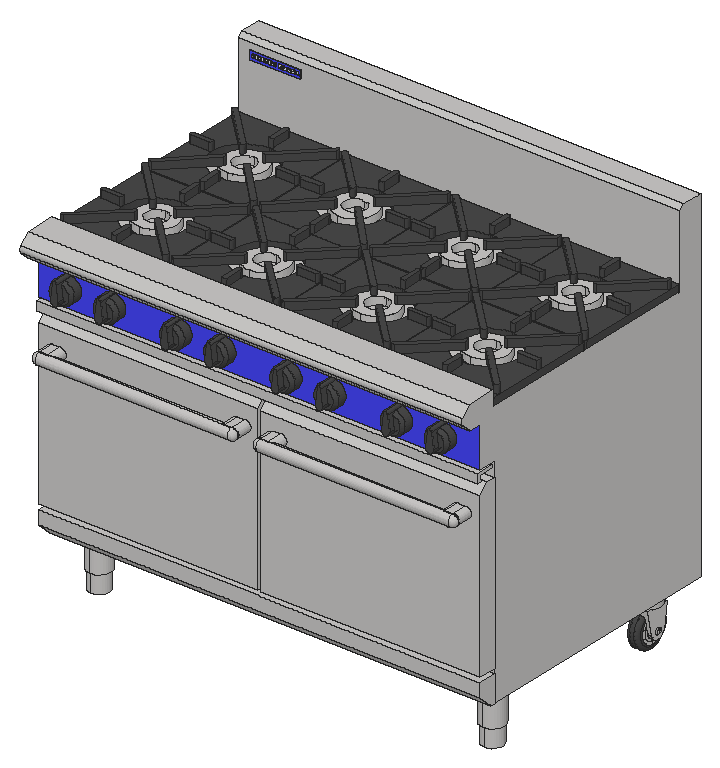
Revit family "QF_MOFFAT_BLUESEAL_CE_G528D", category Specialty Equipment, Revit 2012
Parameters
  Width = 1200 mm
  Weight in Pounds = 664  # constant formula
  URL Cutsheet = "www.moffat.com"
  URL = "www.moffat.com"
  Type Mark [instance] = ""
  Status [instance] = ""
  Specification by User [instance] = ""
  Specification by Manufacturer = ""
  Show Logo [instance] = yes
  Show Clearance [instance] = yes
  Show Casters [instance] = yes
  Serial Number = ""
  Seismic Rating = ""
  SMACNA No = ""
  Revision Code [instance] = ""
  Omniclass Number and Title = ""
  NAFEM Spec ID Number = ""
  Model = "G528D"
  Mechanical Remarks = ""
  Mechanical Connection Type [instance] = ""
  Masterspec = ""
  Manufacturer = "MOFFAT BLUESEAL"
  Legs [instance] = no
  Item Number [instance] = ""
  Installed By [instance] = ""
  Identify Quantity as Lot [instance] = yes
  Height = 970 mm
  Gas Size = 3/4"
  Gas RI Height [instance] = 0 mm
  Gas KW [instance] = 75.5
  Gas Input [instance] = 257806.0 Btu/h
  Gas Connection Height = 0 mm
  Furnished By [instance] = ""
  Foodservice Equipment Identifier [instance] = yes
  Description = "1200MM GAS RANGE WITH DOUBLE STATIC OVENS"
  Depth = 812 mm
  CSI MasterFormat = ""
  CSI Master Format = ""
  Body Finish = QF_Finishes_Stainless Steel
Reference planes
  plane 1 "BACK": y = 0
  plane 2: z = 0
  plane 3 "LEFT": x = 0
  plane 4 "RIGHT": x = 1200
  plane 5 "FRONT": y = -812
  plane 6 "TOP": z = 970
  plane 7 "Center Y": x = 600
  plane 8 "Center X": y = -406
  plane 9: y = -805
  plane 10: y = -32
  plane 11: z = 655
  plane 12: z = 1085
  plane 13: y = -100
  plane 14: y = -625
  plane 15: x = 1134.5
  plane 16: x = 65.5
Forms (mm)
  Extrusion 1, solid, material "QF_Finishes_Stainless Steel" <- "Body Finish"
    sketch origin (0, 0, 0) x (0, 1, 0) y (0, 0, 1)
      loop
        line (0, 150) -> (0, 1085) -> (-57.5, 1085) -> (-70, 1072.5) -> (-70, 875) -> (-705, 875) -> (-705, 915) -> (-783.97, 915) -> (-808.485, 890.485)
        arc (-808.485, 890.485) -> (-811.999, 882) -> (-808.485, 873.515) r 12
        line (-808.485, 873.515) -> (-784.97, 850) -> (-749, 850) -> (-749, 740) -> (-699, 740) -> (-699, 150) -> (0, 150)
      loop
        line (-756, 710) -> (-747.224, 710) -> (-749.613, 726.999) -> (-707.93, 726.999) -> (-707.93, 734.003) -> (-756, 734.003) -> (-756, 710)
      loop
        line (-749, 186) -> (-713, 150) -> (-700, 150) -> (-700, 222.5) -> (-749, 222.5) -> (-749, 186)
    from 0 to 1200
  Extrusion 2, solid, material "QF_Finishes_Stainless Steel"
    sketch origin (0, 0, 0) x (0, 1, 0) y (0, 0, 1)
      loop
        line (-749, 676) -> (-749, 235) -> (-700, 235) -> (-700, 700) -> (-725, 700) -> (-749, 676)
    from 0 to 1200
  Revolve 3, solid, material "QF_Finishes_Stainless Steel" <- "Body Finish"
    sketch origin (1134.5, -696.126, 0) x (0, 1, 0) y (0, 0, -1)
      loop
        line (39.376, -150) -> (71.126, -150) -> (71.126, 0) -> (43.626, 0) -> (43.626, -50) -> (39.376, -50) -> (39.376, -150)
      axis (71.126, -150) -> (71.126, 0)
    angle from 0 to 360
  Revolve 4, solid, material "QF_Finishes_Stainless Steel" <- "Body Finish"
    sketch origin (65.5, -696.126, 0) x (0, 1, 0) y (0, 0, 1)
      loop
        line (39.376, 150) -> (39.376, 50) -> (43.626, 50) -> (43.626, 0) -> (71.126, 0) -> (71.126, 150) -> (39.376, 150)
      axis (71.126, 150) -> (71.126, 0)
    angle from 0 to 360
  Extrusion 5, solid, material "QF_Finishes_Stainless Steel"
    sketch origin (-64.5, 0, 325) x (1, 0, 0) y (0, 1, 0)
      loop
        circle (1134.5, -34) r 10
    from 330 to 374.856
  Revolve 6, solid, material "QF_Finishes_Black"
    sketch origin (90.337, 45.874, -0.078) x (0, 1, 0) y (0, 0, -1)
      loop
        line (-827.874, -829.5) -> (-804.874, -829.5) -> (-804.874, -802) -> (-794.874, -802) -> (-794.874, -797) -> (-838.874, -797) -> (-838.874, -823.651) -> (-827.874, -829.5)
      axis (-838.874, -797) -> (-794.874, -797)
    angle from 0 to 360
  Revolve 7, solid, material "QF_Finishes_Black"
    sketch origin (210.649, 45.874, -0.078) x (0, 1, 0) y (0, 0, -1)
      loop
        line (-827.874, -829.5) -> (-804.874, -829.5) -> (-804.874, -802) -> (-794.874, -802) -> (-794.874, -797) -> (-838.874, -797) -> (-838.874, -823.651) -> (-827.874, -829.5)
      axis (-838.874, -797) -> (-794.874, -797)
    angle from 0 to 360
  Extrusion 8, solid, material "QF_Finishes_Black"
    sketch origin (238.144, 0, -0.078) x (-1, 0, 0) y (0, 0, -1)
      loop
        line (137.724, -786.273) -> (143.145, -829.191)
        arc (143.145, -829.191) -> (148.144, -834.078) -> (153.142, -829.191) r 5
        line (153.142, -829.191) -> (158.631, -785.106)
        arc (158.631, -785.106) -> (147.559, -774.607) -> (137.724, -786.273) r 10.487
    from 759 to 808
  Extrusion 9, void
    sketch origin (0, -756, 676) x (0, 0, 1) y (1, 0, 0)
      loop
        line (24, 595.449) -> (24, 604.551) -> (-453.5, 604.551) -> (-453.5, 595.449) -> (24, 595.449)
    from 0 to 51
  Revolve 10, solid, material "QF_Finishes_Black"
    sketch origin (390.649, 45.874, -0.078) x (0, 1, 0) y (0, 0, -1)
      loop
        line (-827.874, -829.5) -> (-804.874, -829.5) -> (-804.874, -802) -> (-794.874, -802) -> (-794.874, -797) -> (-838.874, -797) -> (-838.874, -823.651) -> (-827.874, -829.5)
      axis (-838.874, -797) -> (-794.874, -797)
    angle from 0 to 360
  Revolve 11, solid, material "QF_Finishes_Black"
    sketch origin (510.625, 45.874, -0.078) x (0, 1, 0) y (0, 0, -1)
      loop
        line (-827.874, -829.5) -> (-804.874, -829.5) -> (-804.874, -802) -> (-794.874, -802) -> (-794.874, -797) -> (-838.874, -797) -> (-838.874, -823.651) -> (-827.874, -829.5)
      axis (-838.874, -797) -> (-794.874, -797)
    angle from 0 to 360
  Revolve 12, solid, material "QF_Finishes_Black"
    sketch origin (690.649, 45.874, -0.078) x (0, 1, 0) y (0, 0, -1)
      loop
        line (-827.874, -829.5) -> (-804.874, -829.5) -> (-804.874, -802) -> (-794.874, -802) -> (-794.874, -797) -> (-838.874, -797) -> (-838.874, -823.651) -> (-827.874, -829.5)
      axis (-838.874, -797) -> (-794.874, -797)
    angle from 0 to 360
  Revolve 13, solid, material "QF_Finishes_Black"
    sketch origin (810.337, 45.874, -0.078) x (0, 1, 0) y (0, 0, -1)
      loop
        line (-827.874, -829.5) -> (-804.874, -829.5) -> (-804.874, -802) -> (-794.874, -802) -> (-794.874, -797) -> (-838.874, -797) -> (-838.874, -823.651) -> (-827.874, -829.5)
      axis (-838.874, -797) -> (-794.874, -797)
    angle from 0 to 360
  Revolve 14, solid, material "QF_Finishes_Black"
    sketch origin (990.649, 45.874, -0.078) x (0, 1, 0) y (0, 0, -1)
      loop
        line (-827.874, -829.5) -> (-804.874, -829.5) -> (-804.874, -802) -> (-794.874, -802) -> (-794.874, -797) -> (-838.874, -797) -> (-838.874, -823.651) -> (-827.874, -829.5)
      axis (-838.874, -797) -> (-794.874, -797)
    angle from 0 to 360
  Revolve 15, solid, material "QF_Finishes_Black"
    sketch origin (1110.625, 45.874, -0.078) x (0, 1, 0) y (0, 0, -1)
      loop
        line (-827.874, -829.5) -> (-804.874, -829.5) -> (-804.874, -802) -> (-794.874, -802) -> (-794.874, -797) -> (-838.874, -797) -> (-838.874, -823.651) -> (-827.874, -829.5)
      axis (-838.874, -797) -> (-794.874, -797)
    angle from 0 to 360
  Extrusion 16, solid, material "QF_Door-Drawer Clearances", visible <- "Show Clearance", detail levels coarse
    sketch origin (762.865, 0, 0) x (0, 1, 0) y (0, 0, 1)
      loop
        arc (-756, 697.347) -> (-1088.232, 559.732) -> (-1225.847, 227.5) r 469.847
        line (-1225.847, 227.5) -> (-756, 227.5) -> (-756, 697.347)
    from -167.415 to -762.865
  Extrusion 17, solid, material "QF_Door-Drawer Clearances", visible <- "Show Clearance", detail levels coarse
    sketch origin (437.135, 0, 0) x (0, 1, 0) y (0, 0, -1)
      loop
        line (-756, -697.347) -> (-756, -227.5) -> (-1225.847, -227.5)
        arc (-1225.847, -227.5) -> (-1088.232, -559.732) -> (-756, -697.347) r 469.847
    from -167.415 to -762.865
  Extrusion 18, void
    sketch origin (0, 0, 150) x (-1, 0, 0) y (0, -1, 0)
      loop
        line (-1133.988, 87.26) -> (-1133.988, -30.24) -> (-1004.488, -30.24) -> (-1004.488, 38.76) -> (-1052.988, 87.26) -> (-1133.988, 87.26)
    from 72.5 to 549.856
  Extrusion 19, solid, material "QF_Finishes_Stainless Steel"
    sketch origin (0, -749, 227.5) x (0, 0, 1) y (-1, 0, 0)
      loop
        line (380.625, -38.246) -> (380.625, -58.528)
        arc (380.625, -58.528) -> (395.625, -73.528) -> (410.625, -58.528) r 15
        line (410.625, -58.528) -> (410.625, -38.246)
        arc (410.625, -38.246) -> (395.625, -23.246) -> (380.625, -38.246) r 15
      loop
        arc (380.625, -560.539) -> (395.625, -575.539) -> (410.625, -560.539) r 15
        line (410.625, -560.539) -> (410.625, -540.257)
        arc (410.625, -540.257) -> (395.625, -525.257) -> (380.625, -540.257) r 15
        line (380.625, -540.257) -> (380.625, -560.539)
    from 0 to 44
  Revolve 20, solid, material "QF_Finishes_Stainless Steel"
    sketch origin (0, -793, 0) x (1, 0, 0) y (0, 0, 1)
      loop
        arc (575.852, 623.125) -> (571.458, 633.732) -> (560.852, 638.125) r 15
        line (560.852, 638.125) -> (38.246, 638.125)
        arc (38.246, 638.125) -> (27.64, 633.732) -> (23.246, 623.125) r 15
        line (23.246, 623.125) -> (575.852, 623.125)
      axis (575.852, 623.125) -> (23.246, 623.125)
    angle from 0 to 360
  Extrusion 21, solid, material "QF_Finishes_Stainless Steel"
    sketch origin (600, -749, 227.5) x (0, 0, 1) y (-1, 0, 0)
      loop
        line (380.625, -38.246) -> (380.625, -58.528)
        arc (380.625, -58.528) -> (395.625, -73.528) -> (410.625, -58.528) r 15
        line (410.625, -58.528) -> (410.625, -38.246)
        arc (410.625, -38.246) -> (395.625, -23.246) -> (380.625, -38.246) r 15
      loop
        arc (380.625, -560.539) -> (395.625, -575.539) -> (410.625, -560.539) r 15
        line (410.625, -560.539) -> (410.625, -540.257)
        arc (410.625, -540.257) -> (395.625, -525.257) -> (380.625, -540.257) r 15
        line (380.625, -540.257) -> (380.625, -560.539)
    from 0 to 44
  Revolve 22, solid, material "QF_Finishes_Stainless Steel"
    sketch origin (600, -793, 0) x (1, 0, 0) y (0, 0, 1)
      loop
        arc (575.852, 623.125) -> (571.458, 633.732) -> (560.852, 638.125) r 15
        line (560.852, 638.125) -> (38.246, 638.125)
        arc (38.246, 638.125) -> (27.64, 633.732) -> (23.246, 623.125) r 15
        line (23.246, 623.125) -> (575.852, 623.125)
      axis (575.852, 623.125) -> (23.246, 623.125)
    angle from 0 to 360
  Revolve 23, solid, material "QF_Finishes_Stainless Steel", visible <- "Legs"
    sketch origin (65.5, -166, 0) x (0, 1, 0) y (0, 0, 1)
      loop
        line (34.25, 150) -> (34.25, 50) -> (38.5, 50) -> (38.5, 0) -> (66, 0) -> (66, 150) -> (34.25, 150)
      axis (66, 150) -> (66, 0)
    angle from 0 to 360
  Revolve 24, solid, material "QF_Finishes_Stainless Steel", visible <- "Show Casters"
    sketch origin (16.276, -100.755, -12.8) x (1, 0, 0) y (0, 0, 1)
      loop
        line (14.841, 63.604) -> (83.584, 63.604) -> (83.584, 67.109) -> (82.314, 68.379) -> (80.79, 68.379) -> (80.79, 71.826) -> (68.644, 71.826) -> (68.644, 81.79) -> (65.088, 83.843) -> (63.738, 92.179) -> (65.881, 92.179) -> (65.881, 98.529) -> (65.088, 98.529) -> (65.088, 104.879)
        arc (65.088, 104.879) -> (62.298, 111.614) -> (55.563, 114.404) r 9.525
        line (55.563, 114.404) -> (42.863, 114.404)
        arc (42.863, 114.404) -> (36.127, 111.614) -> (33.338, 104.879) r 9.525
        line (33.338, 104.879) -> (33.338, 98.529) -> (32.544, 98.529) -> (32.544, 92.179) -> (34.687, 92.179) -> (33.352, 83.932) -> (29.782, 81.871) -> (29.782, 71.826) -> (17.635, 71.826) -> (17.635, 68.379) -> (16.111, 68.379) -> (14.841, 67.109) -> (14.841, 63.604)
      axis (14.841, 63.604) -> (83.584, 63.604)
    angle from 0 to 360
  Extrusion 25, solid, material "QF_Finishes_Stainless Steel", visible <- "Show Casters"
    sketch origin (72.001, 132.353, -8.783) x (0, 1, 0) y (0, 0, 1)
      loop
        line (-200.603, 118.783) -> (-264.103, 118.783) -> (-251.746, 53.895)
        arc (-251.746, 53.895) -> (-232.353, 38.783) -> (-212.959, 53.895) r 20
        line (-212.959, 53.895) -> (-200.603, 118.783)
    from -35.667 to 22.923
  Revolve 26, solid, material "QF_Finishes_Stainless Steel", visible <- "Show Casters"
    sketch origin (65.5, -204, 0) x (0, 1, 0) y (0, 0, 1)
      loop
        line (68.25, 150) -> (68.25, 110) -> (104, 110) -> (104, 150) -> (68.25, 150)
      axis (104, 150) -> (104, 110)
    angle from 0 to 360
  Revolve 27, solid, material "QF_Finishes_Stainless Steel", visible <- "Legs"
    sketch origin (65.5, -166, 0) x (0, 1, 0) y (0, 0, 1)
      loop
        line (34.25, 150) -> (34.25, 50) -> (38.5, 50) -> (38.5, 0) -> (66, 0) -> (66, 150) -> (34.25, 150)
      axis (66, 150) -> (66, 0)
    angle from 0 to 360
  Revolve 28, solid, material "QF_Finishes_Stainless Steel", visible <- "Legs"
    sketch origin (1134.5, -166, 0) x (0, 1, 0) y (0, 0, -1)
      loop
        line (34.25, -150) -> (66, -150) -> (66, 0) -> (38.5, 0) -> (38.5, -50) -> (34.25, -50) -> (34.25, -150)
      axis (66, -150) -> (66, 0)
    angle from 0 to 360
  Revolve 29, solid, material "QF_Finishes_Stainless Steel", visible <- "Show Casters"
    sketch origin (1183.724, -100.755, -12.8) x (-1, 0, 0) y (0, 0, -1)
      loop
        line (14.841, -63.604) -> (14.841, -67.109) -> (16.111, -68.379) -> (17.635, -68.379) -> (17.635, -71.826) -> (29.782, -71.826) -> (29.782, -81.871) -> (33.352, -83.932) -> (34.687, -92.179) -> (32.544, -92.179) -> (32.544, -98.529) -> (33.338, -98.529) -> (33.338, -104.879)
        arc (33.338, -104.879) -> (36.127, -111.614) -> (42.863, -114.404) r 9.525
        line (42.863, -114.404) -> (55.563, -114.404)
        arc (55.563, -114.404) -> (62.298, -111.614) -> (65.088, -104.879) r 9.525
        line (65.088, -104.879) -> (65.088, -98.529) -> (65.881, -98.529) -> (65.881, -92.179) -> (63.738, -92.179) -> (65.088, -83.843) -> (68.644, -81.79) -> (68.644, -71.826) -> (80.79, -71.826) -> (80.79, -68.379) -> (82.314, -68.379) -> (83.584, -67.109) -> (83.584, -63.604) -> (14.841, -63.604)
      axis (14.841, -63.604) -> (83.584, -63.604)
    angle from 0 to 360
  Extrusion 30, solid, material "QF_Finishes_Stainless Steel", visible <- "Show Casters"
    sketch origin (1127.999, 132.353, -8.783) x (0, 1, 0) y (0, 0, -1)
      loop
        line (-200.603, -118.783) -> (-212.959, -53.895)
        arc (-212.959, -53.895) -> (-232.353, -38.783) -> (-251.746, -53.895) r 20
        line (-251.746, -53.895) -> (-264.103, -118.783) -> (-200.603, -118.783)
    from -35.667 to 22.923
  Revolve 31, solid, material "QF_Finishes_Stainless Steel", visible <- "Show Casters"
    sketch origin (1134.5, -204, 0) x (0, 1, 0) y (0, 0, -1)
      loop
        line (68.25, -150) -> (104, -150) -> (104, -110) -> (68.25, -110) -> (68.25, -150)
      axis (104, -150) -> (104, -110)
    angle from 0 to 360
  Revolve 32, solid, material "QF_Finishes_Stainless Steel", visible <- "Legs"
    sketch origin (1134.5, -166, 0) x (0, 1, 0) y (0, 0, -1)
      loop
        line (34.25, -150) -> (66, -150) -> (66, 0) -> (38.5, 0) -> (38.5, -50) -> (34.25, -50) -> (34.25, -150)
      axis (66, -150) -> (66, 0)
    angle from 0 to 360
  Extrusion 33, solid, material "QF_Finishes_Black"
    sketch origin (358.456, 0, -0.078) x (-1, 0, 0) y (0, 0, -1)
      loop
        line (137.724, -786.273) -> (143.145, -829.191)
        arc (143.145, -829.191) -> (148.144, -834.078) -> (153.142, -829.191) r 5
        line (153.142, -829.191) -> (158.631, -785.106)
        arc (158.631, -785.106) -> (147.559, -774.607) -> (137.724, -786.273) r 10.487
    from 759 to 808
  Extrusion 34, solid, material "QF_Finishes_Black"
    sketch origin (538.456, 0, -0.078) x (-1, 0, 0) y (0, 0, -1)
      loop
        line (137.724, -786.273) -> (143.145, -829.191)
        arc (143.145, -829.191) -> (148.144, -834.078) -> (153.142, -829.191) r 5
        line (153.142, -829.191) -> (158.631, -785.106)
        arc (158.631, -785.106) -> (147.559, -774.607) -> (137.724, -786.273) r 10.487
    from 759 to 808
  Extrusion 35, solid, material "QF_Finishes_Black"
    sketch origin (658.432, 0, -0.078) x (-1, 0, 0) y (0, 0, -1)
      loop
        line (137.724, -786.273) -> (143.145, -829.191)
        arc (143.145, -829.191) -> (148.144, -834.078) -> (153.142, -829.191) r 5
        line (153.142, -829.191) -> (158.631, -785.106)
        arc (158.631, -785.106) -> (147.559, -774.607) -> (137.724, -786.273) r 10.487
    from 759 to 808
  Extrusion 36, solid, material "QF_Finishes_Black"
    sketch origin (838.456, 0, -0.078) x (-1, 0, 0) y (0, 0, -1)
      loop
        line (137.724, -786.273) -> (143.145, -829.191)
        arc (143.145, -829.191) -> (148.144, -834.078) -> (153.142, -829.191) r 5
        line (153.142, -829.191) -> (158.631, -785.106)
        arc (158.631, -785.106) -> (147.559, -774.607) -> (137.724, -786.273) r 10.487
    from 759 to 808
  Extrusion 37, solid, material "QF_Finishes_Black"
    sketch origin (958.144, 0, -0.078) x (-1, 0, 0) y (0, 0, -1)
      loop
        line (137.724, -786.273) -> (143.145, -829.191)
        arc (143.145, -829.191) -> (148.144, -834.078) -> (153.142, -829.191) r 5
        line (153.142, -829.191) -> (158.631, -785.106)
        arc (158.631, -785.106) -> (147.559, -774.607) -> (137.724, -786.273) r 10.487
    from 759 to 808
  Extrusion 38, solid, material "QF_Finishes_Black"
    sketch origin (1138.456, 0, -0.078) x (-1, 0, 0) y (0, 0, -1)
      loop
        line (137.724, -786.273) -> (143.145, -829.191)
        arc (143.145, -829.191) -> (148.144, -834.078) -> (153.142, -829.191) r 5
        line (153.142, -829.191) -> (158.631, -785.106)
        arc (158.631, -785.106) -> (147.559, -774.607) -> (137.724, -786.273) r 10.487
    from 759 to 808
  Extrusion 39, solid, material "QF_Finishes_Black"
    sketch origin (1258.432, 0, -0.078) x (-1, 0, 0) y (0, 0, -1)
      loop
        line (137.724, -786.273) -> (143.145, -829.191)
        arc (143.145, -829.191) -> (148.144, -834.078) -> (153.142, -829.191) r 5
        line (153.142, -829.191) -> (158.631, -785.106)
        arc (158.631, -785.106) -> (147.559, -774.607) -> (137.724, -786.273) r 10.487
    from 759 to 808
Cuts and joins
  Extrusion 9, Extrusion 18 cuts Extrusion 1
  Extrusion 9 cuts Extrusion 2
Lines and regions (mm)
  Split face 1
    outline origin (1200, 0, 1085) x (-1, 0, 0) y (0, -1, 0)
      loop
        arc (35.206, 45.385) -> (26.545, 40.385) -> (26.545, 30.385) r 10
        line (26.545, 30.385) -> (30.587, 23.385)
        arc (30.587, 23.385) -> (34.247, 19.725) -> (39.247, 18.385) r 10
        line (39.247, 18.385) -> (267.206, 18.385)
        arc (267.206, 18.385) -> (275.866, 23.385) -> (275.866, 33.385) r 10
        line (275.866, 33.385) -> (271.824, 40.385)
        arc (271.824, 40.385) -> (268.164, 44.045) -> (263.164, 45.385) r 10
        line (263.164, 45.385) -> (35.206, 45.385)
  Split face 2
    outline origin (1200, 0, 1085) x (-1, 0, 0) y (0, -1, 0)
      loop
        arc (335.206, 45.385) -> (326.545, 40.385) -> (326.545, 30.385) r 10
        line (326.545, 30.385) -> (330.587, 23.385)
        arc (330.587, 23.385) -> (334.247, 19.725) -> (339.247, 18.385) r 10
        line (339.247, 18.385) -> (567.206, 18.385)
        arc (567.206, 18.385) -> (575.866, 23.385) -> (575.866, 33.385) r 10
        line (575.866, 33.385) -> (571.824, 40.385)
        arc (571.824, 40.385) -> (568.164, 44.045) -> (563.164, 45.385) r 10
        line (563.164, 45.385) -> (335.206, 45.385)
  Split face 3
    outline origin (1200, 0, 1085) x (-1, 0, 0) y (0, -1, 0)
      loop
        arc (635.206, 45.385) -> (626.545, 40.385) -> (626.545, 30.385) r 10
        line (626.545, 30.385) -> (630.587, 23.385)
        arc (630.587, 23.385) -> (634.247, 19.725) -> (639.247, 18.385) r 10
        line (639.247, 18.385) -> (867.206, 18.385)
        arc (867.206, 18.385) -> (875.866, 23.385) -> (875.866, 33.385) r 10
        line (875.866, 33.385) -> (871.824, 40.385)
        arc (871.824, 40.385) -> (868.164, 44.045) -> (863.164, 45.385) r 10
        line (863.164, 45.385) -> (635.206, 45.385)
  Split face 4
    outline origin (1200, 0, 1085) x (-1, 0, 0) y (0, -1, 0)
      loop
        arc (935.206, 45.385) -> (926.545, 40.385) -> (926.545, 30.385) r 10
        line (926.545, 30.385) -> (930.587, 23.385)
        arc (930.587, 23.385) -> (934.247, 19.725) -> (939.247, 18.385) r 10
        line (939.247, 18.385) -> (1167.206, 18.385)
        arc (1167.206, 18.385) -> (1175.866, 23.385) -> (1175.866, 33.385) r 10
        line (1175.866, 33.385) -> (1171.824, 40.385)
        arc (1171.824, 40.385) -> (1168.164, 44.045) -> (1163.164, 45.385) r 10
        line (1163.164, 45.385) -> (935.206, 45.385)
  symbolic lines, style "QF_Door-Drawer Clearances", visible <- "Show Clearance"
    curve 1: line (0, -1225.847, 0) -> (595.449, -1225.847, 0)
    curve 2: line (595.449, -1225.847, 0) -> (595.449, -812, 0)
    curve 3: line (0, -1225.847, 0) -> (0, -812, 0)
    curve 4: line (1200, -1225.847, 0) -> (604.551, -1225.847, 0)
    curve 5: line (604.551, -1225.847, 0) -> (604.551, -812, 0)
    curve 6: line (1200, -1225.847, 0) -> (1200, -812, 0)
  symbolic lines, style "SpecialityEquipmentHiddenLines", visible <- "Show Casters"
    curve 7: line (78.456, -46.735, 0) -> (105.952, -62.61, 0)
    curve 8: line (27.656, -134.723, 0) -> (78.456, -46.735, 0)
    curve 9: line (55.152, -150.598, 0) -> (27.656, -134.723, 0)
    curve 10: line (105.952, -62.61, 0) -> (55.152, -150.598, 0)
    curve 11: line (1125.152, -150.598, 0) -> (1097.656, -134.723, 0)
    curve 12: line (1175.952, -62.61, 0) -> (1125.152, -150.598, 0)
    curve 13: line (1148.456, -46.735, 0) -> (1097.656, -134.723, 0)
    curve 14: line (1175.952, -62.61, 0) -> (1148.456, -46.735, 0)
  symbolic lines
    curve 15: line (0, 0, 0) -> (1200, 0, 0)
    curve 16: line (0, -812, 0) -> (0, 0, 0)
    curve 17: line (1200, -812, 0) -> (0, -812, 0)
    curve 18: line (1200, 0, 0) -> (1200, -812, 0)
    curve 19: line (0, -783.97, 0) -> (1200, -783.97, 0)
    curve 20: line (0, -705, 0) -> (1200, -705, 0)
    curve 21: line (0, -70, 0) -> (1200, -70, 0)
    curve 22: line (0, -57.5, 0) -> (1200, -57.5, 0)
    curve 23: line (936.836, -45.385, 0) -> (1164.794, -45.385, 0)
    curve 24: arc (1164.794, -45.385, 0) -> (1173.455, -40.385, 0) -> (1173.455, -30.385, 0) r 10
    curve 25: line (1173.455, -30.385, 0) -> (1169.413, -23.385, 0)
    curve 26: arc (1169.413, -23.385, 0) -> (1165.753, -19.725, 0) -> (1160.753, -18.385, 0) r 10
    curve 27: line (1160.753, -18.385, 0) -> (932.794, -18.385, 0)
    curve 28: arc (932.794, -18.385, 0) -> (924.134, -23.385, 0) -> (924.134, -33.385, 0) r 10
    curve 29: line (924.134, -33.385, 0) -> (928.176, -40.385, 0)
    curve 30: arc (928.176, -40.385, 0) -> (931.836, -44.045, 0) -> (936.836, -45.385, 0) r 10
    curve 31: line (632.794, -18.385, 0) -> (860.753, -18.385, 0)
    curve 32: arc (860.753, -18.385, 0) -> (865.753, -19.725, 0) -> (869.413, -23.385, 0) r 10
    curve 33: line (869.413, -23.385, 0) -> (873.455, -30.385, 0)
    curve 34: arc (873.455, -30.385, 0) -> (873.455, -40.385, 0) -> (864.794, -45.385, 0) r 10
    curve 35: line (864.794, -45.385, 0) -> (636.836, -45.385, 0)
    curve 36: arc (636.836, -45.385, 0) -> (631.836, -44.045, 0) -> (628.176, -40.385, 0) r 10
    curve 37: line (628.176, -40.385, 0) -> (624.134, -33.385, 0)
    curve 38: arc (624.134, -33.385, 0) -> (624.134, -23.385, 0) -> (632.794, -18.385, 0) r 10
    curve 39: line (332.794, -18.385, 0) -> (560.753, -18.385, 0)
    curve 40: arc (560.753, -18.385, 0) -> (565.753, -19.725, 0) -> (569.413, -23.385, 0) r 10
    curve 41: line (569.413, -23.385, 0) -> (573.455, -30.385, 0)
    curve 42: arc (573.455, -30.385, 0) -> (573.455, -40.385, 0) -> (564.794, -45.385, 0) r 10
    curve 43: line (564.794, -45.385, 0) -> (336.836, -45.385, 0)
    curve 44: arc (336.836, -45.385, 0) -> (331.836, -44.045, 0) -> (328.176, -40.385, 0) r 10
    curve 45: line (328.176, -40.385, 0) -> (324.134, -33.385, 0)
    curve 46: arc (324.134, -33.385, 0) -> (324.134, -23.385, 0) -> (332.794, -18.385, 0) r 10
    curve 47: line (260.753, -18.385, 0) -> (32.794, -18.385, 0)
    curve 48: arc (32.794, -18.385, 0) -> (24.134, -23.385, 0) -> (24.134, -33.385, 0) r 10
    curve 49: line (24.134, -33.385, 0) -> (28.176, -40.385, 0)
    curve 50: arc (28.176, -40.385, 0) -> (31.836, -44.045, 0) -> (36.836, -45.385, 0) r 10
    curve 51: line (36.836, -45.385, 0) -> (264.794, -45.385, 0)
    curve 52: arc (264.794, -45.385, 0) -> (273.455, -40.385, 0) -> (273.455, -30.385, 0) r 10
    curve 53: line (273.455, -30.385, 0) -> (269.413, -23.385, 0)
    curve 54: arc (269.413, -23.385, 0) -> (265.753, -19.725, 0) -> (260.753, -18.385, 0) r 10
Dimensions and locks
  equal spacing: plane 3 "LEFT", plane 7 "Center Y", plane 4 "RIGHT"
  "Width": plane 3 "LEFT" to plane 4 "RIGHT"
  equal spacing: plane 5 "FRONT", plane 8 "Center X", plane 1 "BACK"
  "Depth": plane 5 "FRONT" to plane 1 "BACK"
  equal spacing: plane 4 "RIGHT", plane 7 "Center Y", plane 3 "LEFT"
  plane 4 "RIGHT" to plane 3 "LEFT" = 1200 mm
  "Height": plane 6 "TOP" to level
  plane 5 "FRONT" to plane 1 "BACK" = 812 mm
  plane 9 to plane 5 "FRONT" = 7 mm
  plane 6 "TOP" to plane 2 = 970 mm
  plane 12 to plane 2 = 1085 mm
  Extrusion 5 sketch curve to plane 4 "RIGHT" = 130 mm
  Extrusion 5 sketch curve to plane 1 "BACK" = 34 mm
  level to Extrusion 5 = 655 mm
  Revolve 24 sketch curve to Revolve 24 sketch curve = 50.8 mm
  Revolve 29 sketch curve to Revolve 29 sketch curve = 50.8 mm
  aligned and locked: level to plane 2
  aligned and locked: Extrusion 1 to plane 4 "RIGHT"
  aligned and locked: Extrusion 2 to plane 4 "RIGHT"
  aligned and locked: cut or joined group of Extrusion 2, Extrusion 9 to Extrusion 16
Automatic sketch dimensions
  Extrusion 1 sketch curve to plane 12 = 0 mm
  Extrusion 1 sketch curve to plane 1 "BACK" = 0 mm
  Extrusion 1 sketch curve to plane 10 = 25.5 mm
  plane 13 to Extrusion 1 sketch curve = 30 mm
  Extrusion 1 sketch curve to plane 14 = 74 mm
  Extrusion 1 sketch curve to Extrusion 1 sketch curve = 1 mm
  Extrusion 1 sketch curve to plane 14 = 80 mm
  Extrusion 1 sketch curve to Extrusion 1 sketch curve = 8.93 mm
  Extrusion 1 sketch curve to Extrusion 1 sketch curve = 13 mm
  Extrusion 1 sketch curve to Extrusion 1 sketch curve = 39.294 mm
  Extrusion 1 sketch curve to Extrusion 1 sketch curve = 36 mm  (x2)
  Extrusion 1 sketch curve to Extrusion 1 sketch curve = 44 mm
  Extrusion 1 sketch curve to Extrusion 1 sketch curve = 0.613 mm
  Extrusion 1 sketch curve to Extrusion 1 sketch curve = 8.776 mm
  plane 9 to Extrusion 1 sketch curve = 21.03 mm
  plane 9 to Extrusion 1 sketch curve = 20.03 mm
  plane 9 to Extrusion 1 sketch curve = 5.001 mm
  Extrusion 1 sketch curve to plane 9 = 3.485 mm  (x2)
  Extrusion 1 sketch curve to plane 12 = 12.5 mm
  Extrusion 1 sketch curve to plane 6 "TOP" = 55 mm
  Extrusion 1 sketch curve to Extrusion 1 sketch curve = 24.515 mm
  Extrusion 1 sketch curve to Extrusion 1 sketch curve = 8.485 mm
  Extrusion 1 sketch curve to Extrusion 1 sketch curve = 40 mm
  Extrusion 1 sketch curve to Extrusion 1 sketch curve = 25 mm
  plane 11 to Extrusion 1 sketch curve = 85 mm
  Extrusion 1 sketch curve to Extrusion 1 sketch curve = 5.997 mm
  Extrusion 1 sketch curve to Extrusion 1 sketch curve = 7.004 mm
  Extrusion 1 sketch curve to Extrusion 1 sketch curve = 16.999 mm
  level to Extrusion 1 sketch curve = 222.5 mm
  Extrusion 1 sketch curve to Extrusion 1 sketch curve = 36.5 mm
  Extrusion 1 sketch curve to Extrusion 1 sketch curve = 0 mm
  plane 11 to Extrusion 2 sketch curve = 21 mm
  plane 9 to Extrusion 2 sketch curve = 56 mm
  Extrusion 2 sketch curve to Extrusion 2 sketch curve = 24 mm  (x2)
  Extrusion 2 sketch curve to Extrusion 2 sketch curve = 25 mm
  level to Extrusion 2 sketch curve = 235 mm
  Revolve 3 sketch curve to level = 0 mm
  Revolve 3 sketch curve to plane 14 = 0 mm  (x2)
  Revolve 3 sketch curve to Revolve 3 sketch curve = 27.5 mm
  Revolve 3 sketch curve to Revolve 3 sketch curve = 31.75 mm
  level to Revolve 3 sketch curve = 50 mm
  Revolve 3 sketch curve to Revolve 3 sketch curve = 0 mm
  Revolve 3 sketch curve to Revolve 3 sketch curve = 100 mm
  Revolve 3 sketch curve to Revolve 3 sketch curve = 55 mm
  Revolve 4 sketch curve to level = 0 mm
  Revolve 4 sketch curve to plane 14 = 0 mm  (x2)
  Revolve 4 sketch curve to Revolve 4 sketch curve = 27.5 mm
  Revolve 4 sketch curve to Revolve 4 sketch curve = 31.75 mm
  Revolve 4 sketch curve to level = 55 mm
  Revolve 4 sketch curve to Revolve 4 sketch curve = 50 mm
  Revolve 4 sketch curve to Revolve 4 sketch curve = 0 mm
  Revolve 4 sketch curve to Revolve 4 sketch curve = 100 mm
  plane 9 to Revolve 6 sketch curve = 12 mm
  Revolve 6 sketch curve to Revolve 6 sketch curve = 0 mm  (x2)
  Revolve 6 sketch curve to Revolve 6 sketch curve = 11 mm
  Revolve 6 sketch curve to Revolve 6 sketch curve = 12.7 mm
  Revolve 6 sketch curve to Revolve 6 sketch curve = 23 mm
  Revolve 6 sketch curve to Revolve 6 sketch curve = 10 mm
  Revolve 6 sketch curve to plane 6 "TOP" = 140.578 mm
  Revolve 6 sketch curve to Revolve 6 sketch curve = 5.849 mm
  Revolve 6 sketch curve to Revolve 6 sketch curve = 27.5 mm
  Revolve 6 sketch curve to Revolve 6 sketch curve = 5 mm
  plane 9 to Revolve 7 sketch curve = 12 mm
  Revolve 7 sketch curve to Revolve 7 sketch curve = 0 mm  (x2)
  Revolve 7 sketch curve to Revolve 7 sketch curve = 11 mm
  Revolve 7 sketch curve to Revolve 7 sketch curve = 12.7 mm
  Revolve 7 sketch curve to Revolve 7 sketch curve = 23 mm
  Revolve 7 sketch curve to Revolve 7 sketch curve = 10 mm
  Revolve 7 sketch curve to plane 6 "TOP" = 140.578 mm
  Revolve 7 sketch curve to Revolve 7 sketch curve = 5.849 mm
  Revolve 7 sketch curve to Revolve 7 sketch curve = 27.5 mm
  Revolve 7 sketch curve to Revolve 7 sketch curve = 5 mm
  plane 16 to Extrusion 8 sketch curve = 34.919 mm
  plane 16 to Extrusion 8 sketch curve = 29.499 mm
  Extrusion 8 sketch curve to Extrusion 8 sketch curve = 10.419 mm
  Extrusion 8 sketch curve to Extrusion 8 sketch curve = 4.999 mm  (x2)
  Extrusion 8 sketch curve to Extrusion 8 sketch curve = 10.487 mm
  Extrusion 8 sketch curve to plane 6 "TOP" = 140.887 mm
  Extrusion 8 sketch curve to Extrusion 8 sketch curve = 0.113 mm
  Extrusion 8 sketch curve to Extrusion 8 sketch curve = 42.919 mm
  Extrusion 8 sketch curve to Extrusion 8 sketch curve = 1.167 mm
  plane 7 "Center Y" to Extrusion 9 sketch curve = 4.551 mm
  level to Extrusion 9 sketch curve = 222.5 mm
  plane 11 to Extrusion 9 sketch curve = 45 mm
  Extrusion 9 sketch curve to plane 7 "Center Y" = 4.551 mm
  plane 9 to Revolve 10 sketch curve = 12 mm
  Revolve 10 sketch curve to Revolve 10 sketch curve = 0 mm  (x2)
  Revolve 10 sketch curve to Revolve 10 sketch curve = 11 mm
  Revolve 10 sketch curve to Revolve 10 sketch curve = 12.7 mm
  Revolve 10 sketch curve to Revolve 10 sketch curve = 23 mm
  Revolve 10 sketch curve to Revolve 10 sketch curve = 10 mm
  Revolve 10 sketch curve to plane 6 "TOP" = 140.578 mm
  Revolve 10 sketch curve to Revolve 10 sketch curve = 5.849 mm
  Revolve 10 sketch curve to Revolve 10 sketch curve = 27.5 mm
  Revolve 10 sketch curve to Revolve 10 sketch curve = 5 mm
  plane 9 to Revolve 11 sketch curve = 12 mm
  Revolve 11 sketch curve to Revolve 11 sketch curve = 0 mm  (x2)
  Revolve 11 sketch curve to Revolve 11 sketch curve = 11 mm
  Revolve 11 sketch curve to Revolve 11 sketch curve = 12.7 mm
  Revolve 11 sketch curve to Revolve 11 sketch curve = 23 mm
  Revolve 11 sketch curve to Revolve 11 sketch curve = 10 mm
  Revolve 11 sketch curve to plane 6 "TOP" = 140.578 mm
  Revolve 11 sketch curve to Revolve 11 sketch curve = 5.849 mm
  Revolve 11 sketch curve to Revolve 11 sketch curve = 27.5 mm
  Revolve 11 sketch curve to Revolve 11 sketch curve = 5 mm
  plane 9 to Revolve 12 sketch curve = 12 mm
  Revolve 12 sketch curve to Revolve 12 sketch curve = 0 mm  (x2)
  Revolve 12 sketch curve to Revolve 12 sketch curve = 11 mm
  Revolve 12 sketch curve to Revolve 12 sketch curve = 12.7 mm
  Revolve 12 sketch curve to Revolve 12 sketch curve = 23 mm
  Revolve 12 sketch curve to Revolve 12 sketch curve = 10 mm
  Revolve 12 sketch curve to plane 6 "TOP" = 140.578 mm
  Revolve 12 sketch curve to Revolve 12 sketch curve = 5.849 mm
  Revolve 12 sketch curve to Revolve 12 sketch curve = 27.5 mm
  Revolve 12 sketch curve to Revolve 12 sketch curve = 5 mm
  plane 9 to Revolve 13 sketch curve = 12 mm
  Revolve 13 sketch curve to Revolve 13 sketch curve = 0 mm  (x2)
  Revolve 13 sketch curve to Revolve 13 sketch curve = 11 mm
  Revolve 13 sketch curve to Revolve 13 sketch curve = 12.7 mm
  Revolve 13 sketch curve to Revolve 13 sketch curve = 23 mm
  Revolve 13 sketch curve to Revolve 13 sketch curve = 10 mm
  Revolve 13 sketch curve to plane 6 "TOP" = 140.578 mm
  Revolve 13 sketch curve to Revolve 13 sketch curve = 5.849 mm
  Revolve 13 sketch curve to Revolve 13 sketch curve = 27.5 mm
  Revolve 13 sketch curve to Revolve 13 sketch curve = 5 mm
  plane 9 to Revolve 14 sketch curve = 12 mm
  Revolve 14 sketch curve to Revolve 14 sketch curve = 0 mm  (x2)
  Revolve 14 sketch curve to Revolve 14 sketch curve = 11 mm
  Revolve 14 sketch curve to Revolve 14 sketch curve = 12.7 mm
  Revolve 14 sketch curve to Revolve 14 sketch curve = 23 mm
  Revolve 14 sketch curve to Revolve 14 sketch curve = 10 mm
  Revolve 14 sketch curve to plane 6 "TOP" = 140.578 mm
  Revolve 14 sketch curve to Revolve 14 sketch curve = 5.849 mm
  Revolve 14 sketch curve to Revolve 14 sketch curve = 27.5 mm
  Revolve 14 sketch curve to Revolve 14 sketch curve = 5 mm
  plane 9 to Revolve 15 sketch curve = 12 mm
  Revolve 15 sketch curve to Revolve 15 sketch curve = 0 mm  (x2)
  Revolve 15 sketch curve to Revolve 15 sketch curve = 11 mm
  Revolve 15 sketch curve to Revolve 15 sketch curve = 12.7 mm
  Revolve 15 sketch curve to Revolve 15 sketch curve = 23 mm
  Revolve 15 sketch curve to Revolve 15 sketch curve = 10 mm
  Revolve 15 sketch curve to plane 6 "TOP" = 140.578 mm
  Revolve 15 sketch curve to Revolve 15 sketch curve = 5.849 mm
  Revolve 15 sketch curve to Revolve 15 sketch curve = 27.5 mm
  Revolve 15 sketch curve to Revolve 15 sketch curve = 5 mm
  plane 5 "FRONT" to Extrusion 16 sketch curve = 413.847 mm
  plane 9 to Extrusion 16 sketch curve = 49 mm
  level to Extrusion 16 sketch curve = 227.5 mm
  plane 5 "FRONT" to Extrusion 17 sketch curve = 413.847 mm
  plane 9 to Extrusion 17 sketch curve = 49 mm
  plane 11 to Extrusion 17 sketch curve = 42.347 mm
  Extrusion 18 sketch curve to plane 15 = 0.512 mm
  plane 13 to Extrusion 18 sketch curve = 12.74 mm
  Extrusion 18 sketch curve to Extrusion 18 sketch curve = 81 mm
  Extrusion 18 sketch curve to plane 10 = 6.76 mm
  Extrusion 18 sketch curve to Extrusion 18 sketch curve = 48.5 mm
  Extrusion 18 sketch curve to plane 1 "BACK" = 30.24 mm
  Extrusion 19 sketch curve to plane 16 = 6.972 mm
  Extrusion 19 sketch curve to plane 11 = 46.875 mm  (x2)
  Extrusion 19 sketch curve to Extrusion 19 sketch curve = 15 mm  (x2)
  Extrusion 19 sketch curve to plane 7 "Center Y" = 59.743 mm
  Extrusion 19 sketch curve to Extrusion 19 sketch curve = 20.282 mm  (x2)
  Revolve 20 sketch curve to plane 3 "LEFT" = 6.961 mm
  plane 3 "LEFT" to Revolve 20 sketch curve = 23.246 mm
  Revolve 20 sketch curve to plane 11 = 16.875 mm
  Revolve 20 sketch curve to Revolve 20 sketch curve = 15 mm
  Revolve 20 sketch curve to plane 7 "Center Y" = 39.148 mm
  Revolve 20 sketch curve to plane 7 "Center Y" = 11.961 mm
  Revolve 20 sketch curve to Revolve 20 sketch curve = 0 mm
  Extrusion 21 sketch curve to plane 11 = 46.875 mm  (x2)
  plane 15 to Extrusion 21 sketch curve = 5.757 mm
  Extrusion 21 sketch curve to Extrusion 21 sketch curve = 15 mm  (x2)
  Extrusion 21 sketch curve to Extrusion 21 sketch curve = 20.282 mm  (x2)
  plane 7 "Center Y" to Extrusion 21 sketch curve = 58.528 mm
  Revolve 22 sketch curve to plane 7 "Center Y" = 6.961 mm
  plane 7 "Center Y" to Revolve 22 sketch curve = 23.246 mm
  Revolve 22 sketch curve to plane 11 = 16.875 mm
  Revolve 22 sketch curve to Revolve 22 sketch curve = 15 mm
  plane 15 to Revolve 22 sketch curve = 26.352 mm
  plane 4 "RIGHT" to Revolve 22 sketch curve = 11.961 mm
  Revolve 22 sketch curve to Revolve 22 sketch curve = 0 mm
  Split face 1 sketch curve to cut or joined group of Extrusion 1, Extrusion 9, Extrusion 18 = 26.545 mm
  Split face 1 sketch curve to Split face 1 sketch curve = 4.041 mm  (x4)
  Split face 1 sketch curve to Split face 1 sketch curve = 8.66 mm  (x2)
  Split face 1 sketch curve to cut or joined group of Extrusion 1, Extrusion 9, Extrusion 18 = 22.115 mm
  Split face 1 sketch curve to Split face 1 sketch curve = 223.917 mm
  Split face 1 sketch curve to cut or joined group of Extrusion 1, Extrusion 9, Extrusion 18 = 17.115 mm
  Split face 1 sketch curve to Split face 1 sketch curve = 10 mm
  Split face 1 sketch curve to Split face 1 sketch curve = 7 mm  (x3)
  Split face 2 sketch curve to cut or joined group of Extrusion 1, Extrusion 9, Extrusion 18 = 27.115 mm
  Split face 2 sketch curve to cut or joined group of Extrusion 1, Extrusion 9, Extrusion 18 = 326.545 mm
  Split face 2 sketch curve to cut or joined group of Extrusion 1, Extrusion 9, Extrusion 18 = 23.385 mm
  Split face 2 sketch curve to Split face 2 sketch curve = 4.041 mm  (x4)
  Split face 2 sketch curve to Split face 2 sketch curve = 8.66 mm  (x2)
  Split face 2 sketch curve to cut or joined group of Extrusion 1, Extrusion 9, Extrusion 18 = 22.115 mm
  Split face 2 sketch curve to Split face 2 sketch curve = 223.917 mm
  Split face 2 sketch curve to cut or joined group of Extrusion 1, Extrusion 9, Extrusion 18 = 17.115 mm
  Split face 2 sketch curve to Split face 2 sketch curve = 17 mm
  Split face 2 sketch curve to Split face 2 sketch curve = 7 mm
  Split face 3 sketch curve to cut or joined group of Extrusion 1, Extrusion 9, Extrusion 18 = 27.115 mm
  Split face 3 sketch curve to cut or joined group of Extrusion 1, Extrusion 9, Extrusion 18 = 573.455 mm
  Split face 3 sketch curve to cut or joined group of Extrusion 1, Extrusion 9, Extrusion 18 = 23.385 mm
  Split face 3 sketch curve to Split face 3 sketch curve = 4.041 mm  (x3)
  Split face 3 sketch curve to Split face 3 sketch curve = 8.66 mm  (x3)
  Split face 3 sketch curve to cut or joined group of Extrusion 1, Extrusion 9, Extrusion 18 = 12.115 mm
  Split face 3 sketch curve to Split face 3 sketch curve = 223.917 mm
  Split face 3 sketch curve to cut or joined group of Extrusion 1, Extrusion 9, Extrusion 18 = 17.115 mm
  Split face 3 sketch curve to cut or joined group of Extrusion 1, Extrusion 9, Extrusion 18 = 24.115 mm
  Split face 3 sketch curve to Split face 3 sketch curve = 5 mm
  Split face 4 sketch curve to cut or joined group of Extrusion 1, Extrusion 9, Extrusion 18 = 27.115 mm
  Split face 4 sketch curve to cut or joined group of Extrusion 1, Extrusion 9, Extrusion 18 = 273.455 mm
  Split face 4 sketch curve to cut or joined group of Extrusion 1, Extrusion 9, Extrusion 18 = 23.385 mm
  Split face 4 sketch curve to Split face 4 sketch curve = 4.041 mm  (x4)
  Split face 4 sketch curve to Split face 4 sketch curve = 8.66 mm  (x2)
  Split face 4 sketch curve to cut or joined group of Extrusion 1, Extrusion 9, Extrusion 18 = 22.115 mm
  Split face 4 sketch curve to cut or joined group of Extrusion 1, Extrusion 9, Extrusion 18 = 36.836 mm
  Split face 4 sketch curve to Split face 4 sketch curve = 17 mm
  Split face 4 sketch curve to Split face 4 sketch curve = 7 mm  (x2)
  Revolve 23 sketch curve to level = 0 mm
  Revolve 23 sketch curve to plane 13 = 0 mm  (x2)
  Revolve 23 sketch curve to Revolve 23 sketch curve = 27.5 mm
  Revolve 23 sketch curve to Revolve 23 sketch curve = 31.75 mm
  Revolve 23 sketch curve to Revolve 23 sketch curve = 55 mm
  level to Revolve 23 sketch curve = 50 mm
  Revolve 23 sketch curve to Revolve 23 sketch curve = 0 mm
  Revolve 23 sketch curve to Revolve 23 sketch curve = 100 mm
  plane 3 "LEFT" to Revolve 24 sketch curve = 31.118 mm
  Revolve 24 sketch curve to Revolve 24 sketch curve = 1.27 mm  (x4)
  Revolve 24 sketch curve to Revolve 24 sketch curve = 1.524 mm  (x2)
  Revolve 24 sketch curve to Revolve 24 sketch curve = 12.146 mm  (x2)
  Revolve 24 sketch curve to plane 16 = 16.68 mm
  Revolve 24 sketch curve to Revolve 24 sketch curve = 0.794 mm  (x2)
  Revolve 24 sketch curve to Revolve 24 sketch curve = 3.57 mm
  Revolve 24 sketch curve to Revolve 24 sketch curve = 2.143 mm
  Revolve 24 sketch curve to plane 16 = 6.361 mm
  plane 16 to Revolve 24 sketch curve = 5.13 mm
  plane 16 to Revolve 24 sketch curve = 6.339 mm
  plane 16 to Revolve 24 sketch curve = 14.515 mm
  Revolve 24 sketch curve to Revolve 24 sketch curve = 1.349 mm  (x2)
  Revolve 24 sketch curve to Revolve 24 sketch curve = 3.556 mm
  Revolve 24 sketch curve to Revolve 24 sketch curve = 33.32 mm
  level to Revolve 24 sketch curve = 50.804 mm
  Revolve 24 sketch curve to Revolve 24 sketch curve = 0 mm
  Revolve 24 sketch curve to Revolve 24 sketch curve = 3.505 mm  (x2)
  Revolve 24 sketch curve to Revolve 24 sketch curve = 3.447 mm  (x2)
  Revolve 24 sketch curve to Revolve 24 sketch curve = 9.964 mm
  Revolve 24 sketch curve to Revolve 24 sketch curve = 10.045 mm
  Revolve 24 sketch curve to Revolve 24 sketch curve = 2.053 mm
  Revolve 24 sketch curve to Revolve 24 sketch curve = 2.061 mm
  Revolve 24 sketch curve to Revolve 24 sketch curve = 8.247 mm
  Revolve 24 sketch curve to Revolve 24 sketch curve = 8.336 mm
  Revolve 24 sketch curve to Revolve 24 sketch curve = 6.35 mm  (x2)
  Extrusion 25 sketch curve to plane 13 = 0 mm
  Extrusion 25 sketch curve to plane 13 = 19.393 mm
  Extrusion 25 sketch curve to plane 13 = 31.75 mm
  plane 13 to Extrusion 25 sketch curve = 19.393 mm
  plane 13 to Extrusion 25 sketch curve = 31.75 mm
  level to Extrusion 25 sketch curve = 45.111 mm
  Extrusion 25 sketch curve to Extrusion 25 sketch curve = 4.889 mm
  Extrusion 25 sketch curve to Extrusion 25 sketch curve = 64.889 mm
  Revolve 26 sketch curve to plane 13 = 0 mm  (x2)
  Revolve 26 sketch curve to Revolve 26 sketch curve = 35.75 mm
  Revolve 26 sketch curve to level = 55 mm
  level to Revolve 26 sketch curve = 50 mm
  Revolve 26 sketch curve to Revolve 26 sketch curve = 60 mm
  Revolve 26 sketch curve to Revolve 26 sketch curve = 40 mm
  Revolve 27 sketch curve to level = 0 mm
  Revolve 27 sketch curve to plane 13 = 0 mm  (x2)
  Revolve 27 sketch curve to Revolve 27 sketch curve = 27.5 mm
  Revolve 27 sketch curve to Revolve 27 sketch curve = 31.75 mm
  Revolve 27 sketch curve to Revolve 27 sketch curve = 55 mm
  level to Revolve 27 sketch curve = 50 mm
  Revolve 27 sketch curve to Revolve 27 sketch curve = 0 mm
  Revolve 27 sketch curve to Revolve 27 sketch curve = 100 mm
  Revolve 28 sketch curve to level = 0 mm
  Revolve 28 sketch curve to plane 13 = 0 mm  (x2)
  Revolve 28 sketch curve to Revolve 28 sketch curve = 27.5 mm
  Revolve 28 sketch curve to Revolve 28 sketch curve = 31.75 mm
  level to Revolve 28 sketch curve = 50 mm
  Revolve 28 sketch curve to Revolve 28 sketch curve = 0 mm
  Revolve 28 sketch curve to Revolve 28 sketch curve = 100 mm
  Revolve 28 sketch curve to Revolve 28 sketch curve = 55 mm
  plane 4 "RIGHT" to Revolve 29 sketch curve = 31.118 mm
  Revolve 29 sketch curve to Revolve 29 sketch curve = 1.27 mm  (x4)
  Revolve 29 sketch curve to Revolve 29 sketch curve = 1.524 mm  (x2)
  Revolve 29 sketch curve to Revolve 29 sketch curve = 12.146 mm  (x2)
  plane 15 to Revolve 29 sketch curve = 16.68 mm
  Revolve 29 sketch curve to Revolve 29 sketch curve = 0.794 mm  (x2)
  Revolve 29 sketch curve to Revolve 29 sketch curve = 3.57 mm
  Revolve 29 sketch curve to Revolve 29 sketch curve = 2.143 mm
  plane 15 to Revolve 29 sketch curve = 6.361 mm
  Revolve 29 sketch curve to plane 15 = 5.13 mm
  Revolve 29 sketch curve to plane 15 = 6.339 mm
  Revolve 29 sketch curve to plane 15 = 14.515 mm
  Revolve 29 sketch curve to Revolve 29 sketch curve = 1.349 mm  (x2)
  Revolve 29 sketch curve to Revolve 29 sketch curve = 3.556 mm
  Revolve 29 sketch curve to Revolve 29 sketch curve = 33.32 mm
  level to Revolve 29 sketch curve = 101.604 mm
  Revolve 29 sketch curve to Revolve 29 sketch curve = 6.35 mm  (x4)
  Revolve 29 sketch curve to Revolve 29 sketch curve = 8.247 mm
  Revolve 29 sketch curve to Revolve 29 sketch curve = 8.336 mm
  Revolve 29 sketch curve to Revolve 29 sketch curve = 2.061 mm
  Revolve 29 sketch curve to Revolve 29 sketch curve = 2.053 mm
  Revolve 29 sketch curve to Revolve 29 sketch curve = 10.045 mm
  Revolve 29 sketch curve to Revolve 29 sketch curve = 9.964 mm
  Revolve 29 sketch curve to Revolve 29 sketch curve = 3.447 mm  (x2)
  Revolve 29 sketch curve to Revolve 29 sketch curve = 3.505 mm
  Extrusion 30 sketch curve to plane 13 = 0 mm
  Extrusion 30 sketch curve to plane 13 = 19.393 mm
  Extrusion 30 sketch curve to plane 13 = 31.75 mm
  plane 13 to Extrusion 30 sketch curve = 19.393 mm
  plane 13 to Extrusion 30 sketch curve = 31.75 mm
  level to Extrusion 30 sketch curve = 110 mm
  level to Extrusion 30 sketch curve = 50 mm
  Extrusion 30 sketch curve to Extrusion 30 sketch curve = 4.889 mm
  Revolve 31 sketch curve to plane 13 = 0 mm  (x2)
  Revolve 31 sketch curve to Revolve 31 sketch curve = 35.75 mm
  level to Revolve 31 sketch curve = 150 mm
  Revolve 31 sketch curve to Revolve 31 sketch curve = 40 mm
  level to Revolve 31 sketch curve = 50 mm
  Revolve 31 sketch curve to level = 55 mm
  Revolve 32 sketch curve to level = 0 mm
  Revolve 32 sketch curve to plane 13 = 0 mm  (x2)
  Revolve 32 sketch curve to Revolve 32 sketch curve = 27.5 mm
  Revolve 32 sketch curve to Revolve 32 sketch curve = 31.75 mm
  level to Revolve 32 sketch curve = 50 mm
  Revolve 32 sketch curve to Revolve 32 sketch curve = 0 mm
  Revolve 32 sketch curve to Revolve 32 sketch curve = 100 mm
  Revolve 32 sketch curve to Revolve 32 sketch curve = 55 mm
  plane 16 to Extrusion 33 sketch curve = 155.232 mm
  Extrusion 33 sketch curve to Extrusion 33 sketch curve = 5.421 mm
  Extrusion 33 sketch curve to Extrusion 33 sketch curve = 10.419 mm
  Extrusion 33 sketch curve to Extrusion 33 sketch curve = 4.999 mm  (x2)
  Extrusion 33 sketch curve to Extrusion 33 sketch curve = 10.487 mm
  Extrusion 33 sketch curve to plane 6 "TOP" = 140.887 mm
  Extrusion 33 sketch curve to Extrusion 33 sketch curve = 0.113 mm
  Extrusion 33 sketch curve to Extrusion 33 sketch curve = 42.919 mm
  Extrusion 33 sketch curve to Extrusion 33 sketch curve = 1.167 mm
  Extrusion 34 sketch curve to plane 7 "Center Y" = 199.268 mm
  Extrusion 34 sketch curve to Extrusion 34 sketch curve = 5.421 mm
  Extrusion 34 sketch curve to Extrusion 34 sketch curve = 10.419 mm
  Extrusion 34 sketch curve to Extrusion 34 sketch curve = 4.999 mm  (x2)
  Extrusion 34 sketch curve to plane 6 "TOP" = 140.887 mm
  Extrusion 34 sketch curve to Extrusion 34 sketch curve = 10.487 mm
  Extrusion 34 sketch curve to Extrusion 34 sketch curve = 0.113 mm
  Extrusion 34 sketch curve to Extrusion 34 sketch curve = 42.919 mm
  Extrusion 34 sketch curve to Extrusion 34 sketch curve = 1.167 mm
  Extrusion 35 sketch curve to plane 7 "Center Y" = 79.293 mm
  Extrusion 35 sketch curve to Extrusion 35 sketch curve = 5.421 mm
  Extrusion 35 sketch curve to Extrusion 35 sketch curve = 10.419 mm
  Extrusion 35 sketch curve to Extrusion 35 sketch curve = 4.999 mm  (x2)
  Extrusion 35 sketch curve to Extrusion 35 sketch curve = 10.487 mm
  Extrusion 35 sketch curve to plane 6 "TOP" = 140.887 mm
  Extrusion 35 sketch curve to Extrusion 35 sketch curve = 0.113 mm
  Extrusion 35 sketch curve to Extrusion 35 sketch curve = 42.919 mm
  Extrusion 35 sketch curve to Extrusion 35 sketch curve = 1.167 mm
  plane 7 "Center Y" to Extrusion 36 sketch curve = 100.732 mm
  Extrusion 36 sketch curve to Extrusion 36 sketch curve = 5.421 mm
  Extrusion 36 sketch curve to Extrusion 36 sketch curve = 10.419 mm
  Extrusion 36 sketch curve to Extrusion 36 sketch curve = 4.999 mm  (x2)
  Extrusion 36 sketch curve to Extrusion 36 sketch curve = 10.487 mm
  Extrusion 36 sketch curve to plane 6 "TOP" = 140.887 mm
  Extrusion 36 sketch curve to Extrusion 36 sketch curve = 0.113 mm
  Extrusion 36 sketch curve to Extrusion 36 sketch curve = 42.919 mm
  Extrusion 36 sketch curve to Extrusion 36 sketch curve = 1.167 mm
  plane 7 "Center Y" to Extrusion 37 sketch curve = 220.419 mm
  Extrusion 37 sketch curve to Extrusion 37 sketch curve = 5.421 mm
  Extrusion 37 sketch curve to Extrusion 37 sketch curve = 10.419 mm
  Extrusion 37 sketch curve to Extrusion 37 sketch curve = 4.999 mm  (x2)
  Extrusion 37 sketch curve to plane 6 "TOP" = 140.887 mm
  Extrusion 37 sketch curve to Extrusion 37 sketch curve = 10.487 mm
  Extrusion 37 sketch curve to Extrusion 37 sketch curve = 0.113 mm
  Extrusion 37 sketch curve to Extrusion 37 sketch curve = 42.919 mm
  Extrusion 37 sketch curve to Extrusion 37 sketch curve = 1.167 mm
  Extrusion 38 sketch curve to plane 15 = 133.768 mm
  Extrusion 38 sketch curve to Extrusion 38 sketch curve = 5.421 mm
  Extrusion 38 sketch curve to Extrusion 38 sketch curve = 10.419 mm
  Extrusion 38 sketch curve to Extrusion 38 sketch curve = 4.999 mm  (x2)
  Extrusion 38 sketch curve to plane 6 "TOP" = 140.887 mm
  Extrusion 38 sketch curve to Extrusion 38 sketch curve = 10.487 mm
  Extrusion 38 sketch curve to Extrusion 38 sketch curve = 0.113 mm
  Extrusion 38 sketch curve to Extrusion 38 sketch curve = 42.919 mm
  Extrusion 38 sketch curve to Extrusion 38 sketch curve = 1.167 mm
  Extrusion 39 sketch curve to plane 15 = 13.793 mm
  Extrusion 39 sketch curve to plane 15 = 19.213 mm
  Extrusion 39 sketch curve to Extrusion 39 sketch curve = 10.419 mm
  Extrusion 39 sketch curve to Extrusion 39 sketch curve = 4.999 mm  (x2)
  Extrusion 39 sketch curve to Extrusion 39 sketch curve = 10.487 mm
  Extrusion 39 sketch curve to plane 6 "TOP" = 140.887 mm
  Extrusion 39 sketch curve to Extrusion 39 sketch curve = 0.113 mm
  Extrusion 39 sketch curve to Extrusion 39 sketch curve = 42.919 mm
  Extrusion 39 sketch curve to Extrusion 39 sketch curve = 1.167 mm
  curve 3 to plane 3 "LEFT" = 0 mm
  plane 1 "BACK" to curve 15 = 0 mm
  curve 15 to plane 4 "RIGHT" = 0 mm
  plane 5 "FRONT" to curve 17 = 0 mm
  plane 3 "LEFT" to curve 8 = 27.656 mm
  curve 9 to plane 16 = 10.348 mm
  plane 16 to curve 7 = 12.956 mm
  curve 2 to plane 7 "Center Y" = 4.551 mm
  plane 7 "Center Y" to curve 4 = 4.551 mm
  curve 11 to plane 15 = 36.844 mm
  curve 11 to plane 15 = 9.348 mm
  plane 15 to curve 13 = 13.956 mm
  curve 4 to curve 5 = 413.847 mm
  curve 3 to curve 3 = 413.847 mm
  curve 12 to plane 13 = 50.598 mm
  curve 10 to plane 13 = 50.598 mm
  curve 11 to curve 11 = 15.875 mm
  curve 9 to curve 8 = 15.875 mm
  plane 9 to curve 19 = 21.03 mm
  curve 19 to curve 20 = 78.97 mm
  plane 13 to curve 21 = 30 mm
  curve 21 to curve 22 = 12.5 mm
  curve 28 to plane 10 = 1.385 mm
  curve 28 to curve 11 = 173.522 mm
  curve 29 to plane 10 = 8.385 mm
  curve 28 to curve 29 = 4.041 mm
  curve 28 to curve 27 = 8.66 mm
  curve 30 to plane 10 = 3.385 mm
  curve 28 to curve 30 = 4.041 mm
  plane 10 to curve 26 = 3.615 mm
  curve 13 to curve 26 = 12.297 mm
  curve 13 to curve 24 = 16.339 mm
  plane 10 to curve 25 = 8.615 mm
  curve 26 to curve 25 = 8.66 mm
  plane 10 to curve 25 = 1.615 mm
  curve 25 to curve 25 = 4.041 mm
  curve 38 to plane 10 = 1.385 mm
  plane 7 "Center Y" to curve 38 = 24.134 mm
  curve 37 to plane 10 = 8.385 mm
  curve 38 to curve 37 = 4.041 mm
  plane 10 to curve 38 = 3.615 mm
  curve 38 to curve 38 = 8.66 mm
  curve 36 to plane 10 = 3.385 mm
  curve 38 to curve 36 = 4.041 mm
  curve 32 to curve 29 = 63.381 mm
  curve 32 to curve 35 = 4.041 mm
  plane 10 to curve 33 = 8.615 mm
  curve 32 to curve 33 = 8.66 mm
  plane 10 to curve 34 = 1.615 mm
  curve 32 to curve 34 = 4.041 mm
  curve 45 to plane 10 = 1.385 mm
  curve 7 to curve 45 = 218.182 mm
  curve 45 to plane 10 = 8.385 mm
  curve 45 to curve 45 = 4.041 mm
  plane 10 to curve 46 = 3.615 mm
  curve 46 to curve 46 = 8.66 mm
  curve 44 to curve 43 = 8.66 mm
  curve 39 to plane 7 "Center Y" = 39.247 mm
  curve 42 to plane 10 = 3.385 mm
  curve 40 to curve 42 = 4.041 mm
  plane 10 to curve 41 = 8.615 mm
  curve 40 to curve 41 = 8.66 mm
  plane 10 to curve 42 = 1.615 mm
  curve 41 to curve 42 = 4.041 mm
  curve 48 to plane 10 = 1.385 mm
  plane 3 "LEFT" to curve 48 = 24.134 mm
  curve 49 to plane 10 = 8.385 mm
  curve 49 to curve 49 = 4.041 mm
  curve 48 to curve 48 = 8.66 mm
  curve 49 to curve 51 = 8.66 mm
  plane 10 to curve 54 = 3.615 mm
  curve 54 to curve 45 = 63.381 mm
  curve 54 to curve 52 = 4.041 mm
  plane 10 to curve 53 = 8.615 mm
  curve 54 to curve 53 = 8.66 mm
  plane 10 to curve 53 = 1.615 mm
  curve 53 to curve 53 = 4.041 mm
  curve 51 to plane 10 = 13.385 mm
  radius of Extrusion 5 sketch curve = 10 mm
Nested families
  nested 1: "GAS BURNER 1200" at (0, -70, 875), type "GAS BURNER 1200"
    with Width 1200 mm, Type Mark "", Status "", Specification by User "", Revision Code "", Item Number "", Installed By "", Identify Quantity as Lot yes, Furnished By "", Foodservice Equipment Identifier yes, Depth 635 mm
  nested 2: "WALDORF LOGO_FACE BASE" at (32, -70, 1055.859) x (1, 0, 0) z (0, -1, 0), visible <- "Show Logo", type "WALDORF LOGO_FACE BASE", detail levels medium+fine
    with Show Logo yes
Connectors
  piping at (1070, -34, 655)
    settings: on Extrusion 5, index 4, connector radius 3/8", flow factor 0, pipe flow 0 GPM, pressure drop 0.00 psi, fitting loss kfactor 0, connector angle 0.00°, fixture units 0, engagement length 0 mm, flow configuration 1, flow direction 1, fitting loss method 0, system type 7, joint type 0, gender type 0, connector reference index -1, connector utility 0, adjustable connector no, is connector primary yes, fitting loss table "", connector description "GAS CONNECTION"
Definition of nested family "GAS BURNER 1200"
  Parameters (values of type "GAS BURNER 1200")
    Width [instance] = 1200 mm
    Weight in Pounds = 0
    URL Cutsheet = ""
    Type Mark [instance] = ""
    Status [instance] = ""
    Specification by User [instance] = ""
    Specification by Manufacturer = ""
    Serial Number = ""
    Seismic Rating = ""
    SMACNA No = ""
    Revision Code [instance] = ""
    Omniclass Number and Title = ""
    NAFEM Spec ID Number = ""
    Masterspec = ""
    Item Number [instance] = ""
    Installed By [instance] = ""
    Identify Quantity as Lot [instance] = yes
    Furnished By [instance] = ""
    Foodservice Equipment Identifier [instance] = yes
    Depth [instance] = 635 mm
    CSI MasterFormat = ""
    CSI Master Format = ""
  Reference planes
    plane 1 "BACK": y = 0
    plane 2: z = 0
    plane 3 "LEFT": x = 0
    plane 4 "RIGHT": x = 1200
    plane 5 "FRONT": y = -635
    plane 6 "TOP": z = 142.5
    plane 7 "Center Y": x = 600
    plane 8 "Center X": y = -317.5
  Forms (mm)
    Extrusion 1, solid, material "QF_Finishes_Black"
      sketch origin (0, 0, 0) x (0, -1, 0) y (1, 0, 0)
        loop
          line (318.5, 4) -> (318.5, 296)
          arc (318.5, 296) -> (317.621, 298.121) -> (315.5, 299) r 3
          line (315.5, 299) -> (3, 299)
          arc (3, 299) -> (0.879, 298.121) -> (0, 296) r 3
          line (0, 296) -> (0, 4)
